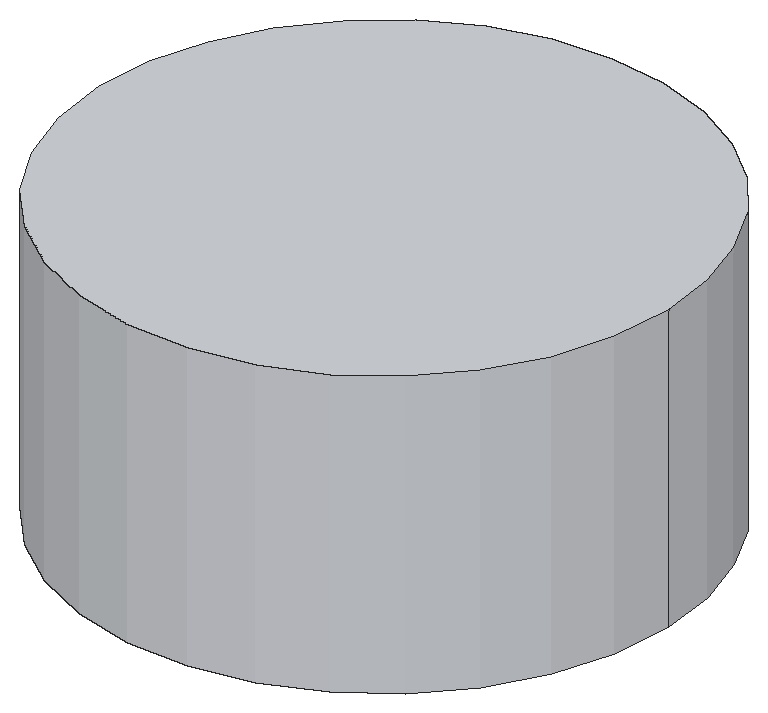
Revit family "10790800", category Specialty Equipment, Revit 2023
Family settings
  Round Connector Dimension = Use Diameter
  Part Type = Normal
  OmniClass Number = 23.40.00.00
  OmniClass Title = Equipment and Furnishings
  Work Plane-Based = No
  Enable Cutting in Views = Yes
  Always vertical = Yes
  Cut with Voids When Loaded = No
  Maintain Annotation Orientation = No
  Shared = No
  Room Calculation Point = No
Parameters (values of type "Standard")
  URL = "https://www.rustfriebergh.no/produkter/vinskap/rbvi-6plan"
  Model = "10790800"
  Manufacturer = "Rustfriebergh AS"
  Description = "RBVI-800x550x2900mm"
  Default Elevation = 0 mm
Reference planes
  plane 1 "Center (Front/Back)": y = 0
  plane 2: z = 0
  plane 3 "Center (Left/Right)": x = 0
Forms (mm)
  Extrusion 1, solid
    sketch origin (175, 200, 108) x (1, 0, 0) y (0, 1, 0)
      loop
        circle (0, 0) r 3.048
    from 0 to -3.048
Dimensions and locks
  aligned and locked: level to plane 2
Connectors
  electrical at (175, 200, 108)
    settings: on Extrusion 1, index 1, voltage 230 V, apparent load 813 VA, apparent load phase1 0 VA, apparent load phase2 0 VA, apparent load phase3 0 VA, power factor 0, load classification "Other", number of poles 1, system type 30, power factor state 1, is connector primary yes, connector utility no, sub classification motor no, connector description "Strømart"
